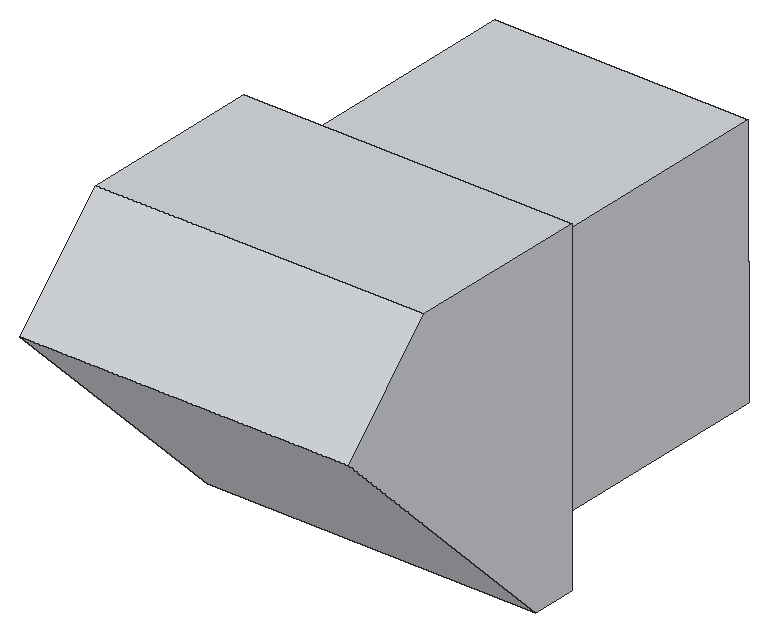
Revit family "XPD-Supply", category Mechanical Equipment, Revit 2019
Family settings
  Round Connector Dimension = Use Diameter
  Part Type = Normal
  Work Plane-Based = No
  Always vertical = Yes
  Cut with Voids When Loaded = No
  Shared = No
  Room Calculation Point = No
Parameters (values of type "10_XPD-Supply")
  WH_C = WH_B + 0' 3"  # 2' - 1"
  WH_B/2 = WH_B / 2  # 0' - 11"
  WH_B = 1' - 10"
  WH_A = 1' - 6 11/16"
  WEATHER_HOOD [instance] = yes
  Unit Weight [instance] = ""
  Sones [instance] = ""
  SPD_D/2 = SPD_D / 2  # 0' - 8 7/8"
  SPD_D = 1' - 5 3/4"
  SPD_C/2 = SPD_C / 2  # 0' - 7"
  SPD_C = 1' - 2"
  SPD_B/2 = SPD_B / 2  # 0' - 8 1/2"
  SPD_B = 1' - 5"
  SPD_A/2 = SPD_A / 2  # 0' - 9 3/4"
  SPD_A = 1' - 7 1/2"
  SIZE/2 = SIZE / 2  # 0' - 5"
  SIZE = 0' - 10"
  RO = 1' - 5 1/4"
  Motor RPM [instance] = ""
  Motor Enclosure [instance] = ""
  ModelID [instance] = ""
  LwA [instance] = ""
  Fan RPM [instance] = ""
  F = 0' - 1 1/8"
  D/2 = D / 2  # 0' - 5 1/4"
  Accessories [instance] = ""
  90 = 90.00°  # constant formula
  135 = 135.00°  # constant formula
  -WH_B/2 = -WH_B / 2  # -0' - 11"
  -SPD_D/2 = -SPD_D / 2  # -0' - 8 7/8"
  (D-.25")/2 = (D - 0' 0 1/4") / 2  # 0' - 5 1/8"
  D = 0' - 10 1/2"
  C+F = C + F  # 0' - 2 5/8"
  (E-C)/2 = (EMINUSC) / 2  # 0' - 1"
  EMINUSC = 0' - 2"
  C/2 = C / 2  # 0' - 0 3/4"
  C = 0' - 1 1/2"
  B/2 = B / 2  # 0' - 2 3/4"
  B = 0' - 5 1/2"
  A/7 = A / 7  # 0' - 2 5/16"
  A/3.5 = A / 3.5  # 0' - 4 5/8"
  A/2 = A / 2  # 0' - 8 3/32"
  A = 1' - 4 3/16"
  9" = 0' - 9"  # constant formula
  3" = 0' - 3"  # constant formula
  Brake Hp [instance] = ""
  4" = 0' - 4"  # constant formula
  2' = 2' - 0"
  2" = 0' - 2"  # constant formula
  1" = 0' - 1"  # constant formula
  0 = 0' - 0"  # constant formula
  Voltage [instance] = 0 V
  URL = "www.lorencook.com"
  Type Comments = "Packaged Propeller Wall Exhaust Fan Direct Drive"  # constant formula
  Static Pressure [instance] = 0.00 in-wg
  Power [instance] = Voltage * Motor FLA * sqrt(if(Phase = 3, 3, 1))  # 0 VA
  Phase [instance] = 0
  Number of Poles [instance] = 1
  Motor Hp [instance] = "0"
  Motor FLA [instance] = 0 A
  Model = "SPD"  # constant formula
  Manufacturer = "Loren Cook Company"
  CFM [instance] = 0 CFM
  1.5 = 0' - 1 1/2"  # constant formula
  1/2 = 0' - 0 1/2"  # constant formula
  ONE EIGTH = 0' - 0 1/8"  # constant formula
  -D = -EMINUSC  # -0' - 2"
  -C/2 = -C / 2  # -0' - 0 3/4"
  -B+1" = -B + 0' 1"  # -0' - 4 1/2"
  -B = -B  # -0' - 5 1/2"
  -((SIZE/2)-.25") = -((SIZE / 2) - 0' 0 1/4")  # -0' - 4 3/4"
  -((A/2)-C-.5") = -((A / 2) - C - 0' 0 1/2")  # -0' - 6 3/32"
  (SIZE/2)-.25" = (SIZE / 2) - 0' 0 1/4"  # 0' - 4 3/4"
  (A/2)-C-.5" = (A / 2) - C - 0' 0 1/2"  # 0' - 6 3/32"
  (A/2)-1" = (A / 2) - 0' 0 1/4"  # 0' - 7 27/32"
Types (9): name | WH_C | WH_B/2 | WH_B | WH_A | SPD_D/2 | SPD_D | SPD_C/2 | SPD_C | SPD_B/2 | SPD_B | SPD_A/2 | SPD_A | SIZE/2 | SIZE | RO | F | D/2 | -WH_B/2 | -SPD_D/2 | (D-.25")/2 | D | C+F | C/2 | C | B/2 | B | A/7 | A/3.5 | A/2 | A | -C/2 | -B+1" | -B | -((SIZE/2)-.25") | -((A/2)-C-.5") | (SIZE/2)-.25" | (A/2)-C-.5" | (A/2)-1"
  (no name) | 2' - 1" | 0' - 11" | 1' - 10" | 1' - 6 11/16" | 0' - 8 7/8" | 1' - 5 3/4" | 0' - 7" | 1' - 2" | 0' - 8 1/2" | 1' - 5" | 0' - 9 3/4" | 1' - 7 1/2" | 0' - 5" | 0' - 10" | 1' - 5 1/4" | 0' - 1 1/8" | 0' - 5 1/4" | -0' - 11" | -0' - 8 7/8" | 0' - 5 1/8" | 0' - 10 1/2" | 0' - 2 5/8" | 0' - 0 3/4" | 0' - 1 1/2" | 0' - 2 3/4" | 0' - 5 1/2" | 0' - 2 5/16" | 0' - 4 5/8" | 0' - 8 3/32" | 1' - 4 3/16" | -0' - 0 3/4" | -0' - 4 1/2" | -0' - 5 1/2" | -0' - 4 3/4" | -0' - 6 3/32" | 0' - 4 3/4" | 0' - 6 3/32" | 0' - 7 27/32"
  12_XPD-Supply | 2' - 1" | 0' - 11" | 1' - 10" | 1' - 6 11/16" | 0' - 8 7/8" | 1' - 5 3/4" | 0' - 7" | 1' - 2" | 0' - 8 1/2" | 1' - 5" | 0' - 9 3/4" | 1' - 7 1/2" | 0' - 6" | 1' - 0" | 1' - 5 1/4" | 0' - 1 1/16" | 0' - 6 1/4" | -0' - 11" | -0' - 8 7/8" | 0' - 6 1/8" | 1' - 0 1/2" | 0' - 2 13/16" | 0' - 0 7/8" | 0' - 1 3/4" | 0' - 3 3/4" | 0' - 7 1/2" | 0' - 2 5/16" | 0' - 4 5/8" | 0' - 8 3/32" | 1' - 4 3/16" | -0' - 0 7/8" | -0' - 6 1/2" | -0' - 7 1/2" | -0' - 5 3/4" | -0' - 5 27/32" | 0' - 5 3/4" | 0' - 5 27/32" | 0' - 7 27/32"
  16_XPD-Supply | 2' - 5" | 1' - 1" | 2' - 2" | 1' - 9 11/16" | 0' - 11 1/8" | 1' - 10 1/4" | 0' - 9" | 1' - 6" | 0' - 10 1/2" | 1' - 9" | 0' - 11 3/4" | 1' - 11 1/2" | 0' - 8" | 1' - 4" | 1' - 9 1/4" | 0' - 1 1/4" | 0' - 8 1/4" | -1' - 1" | -0' - 11 1/8" | 0' - 8 1/8" | 1' - 4 1/2" | 0' - 3 3/4" | 0' - 1 1/4" | 0' - 2 1/2" | 0' - 4 1/4" | 0' - 8 1/2" | 0' - 2.88393" | 0' - 5.76786" | 0' - 10 3/32" | 1' - 8 3/16" | -0' - 1 1/4" | -0' - 7 1/2" | -0' - 8 1/2" | -0' - 7 3/4" | -0' - 7 3/32" | 0' - 7 3/4" | 0' - 7 3/32" | 0' - 9 27/32"
  20_XPD-Supply | 2' - 9" | 1' - 3" | 2' - 6" | 2' - 0 3/8" | 0' - 11 5/8" | 1' - 11 1/4" | 0' - 11" | 1' - 10" | 1' - 0 1/2" | 2' - 1" | 1' - 1 3/4" | 2' - 3 1/2" | 0' - 10" | 1' - 8" | 2' - 1 1/4" | 0' - 1 3/8" | 0' - 10 5/16" | -1' - 3" | -0' - 11 5/8" | 0' - 10 3/16" | 1' - 8 5/8" | 0' - 4 1/8" | 0' - 1 3/8" | 0' - 2 3/4" | 0' - 4 7/8" | 0' - 9 3/4" | 0' - 3.45536" | 0' - 6.91071" | 1' - 0 3/32" | 2' - 0 3/16" | -0' - 1 3/8" | -0' - 8 3/4" | -0' - 9 3/4" | -0' - 9 3/4" | -0' - 8 27/32" | 0' - 9 3/4" | 0' - 8 27/32" | 0' - 11 27/32"
  24_XPD-Supply | 3' - 1" | 1' - 5" | 2' - 10" | 2' - 3 1/8" | 0' - 11 5/8" | 1' - 11 1/4" | 1' - 1 3/4" | 2' - 3 1/2" | 1' - 3 1/2" | 2' - 7" | 1' - 4 3/4" | 2' - 9 1/2" | 1' - 0" | 2' - 0" | 2' - 7 1/4" | 0' - 1 5/16" | 1' - 0 3/8" | -1' - 5" | -0' - 11 5/8" | 1' - 0 1/4" | 2' - 0 3/4" | 0' - 4 1/16" | 0' - 1 3/8" | 0' - 2 3/4" | 0' - 4 7/8" | 0' - 9 3/4" | 0' - 4 5/16" | 0' - 8 5/8" | 1' - 3 3/32" | 2' - 6 3/16" | -0' - 1 3/8" | -0' - 8 3/4" | -0' - 9 3/4" | -0' - 11 3/4" | -0' - 11 27/32" | 0' - 11 3/4" | 0' - 11 27/32" | 1' - 2 27/32"
  14_XPD-Supply | 2' - 5" | 1' - 1" | 2' - 2" | 1' - 9 11/16" | 0' - 11 1/8" | 1' - 10 1/4" | 0' - 9" | 1' - 6" | 0' - 10 1/2" | 1' - 9" | 0' - 11 3/4" | 1' - 11 1/2" | 0' - 7" | 1' - 2" | 1' - 9 1/4" | 0' - 1 3/8" | 0' - 7 1/4" | -1' - 1" | -0' - 11 1/8" | 0' - 7 1/8" | 1' - 2 1/2" | 0' - 3 7/8" | 0' - 1 1/4" | 0' - 2 1/2" | 0' - 4 1/4" | 0' - 8 1/2" | 0' - 2.88393" | 0' - 5.76786" | 0' - 10 3/32" | 1' - 8 3/16" | -0' - 1 1/4" | -0' - 7 1/2" | -0' - 8 1/2" | -0' - 6 3/4" | -0' - 7 3/32" | 0' - 6 3/4" | 0' - 7 3/32" | 0' - 9 27/32"
  18_XPD-Supply | 2' - 9" | 1' - 3" | 2' - 6" | 2' - 0 3/8" | 0' - 11 5/8" | 1' - 11 1/4" | 0' - 11" | 1' - 10" | 1' - 0 1/2" | 2' - 1" | 1' - 1 3/4" | 2' - 3 1/2" | 0' - 9" | 1' - 6" | 2' - 1 1/4" | 0' - 1 1/4" | 0' - 9 1/4" | -1' - 3" | -0' - 11 5/8" | 0' - 9 1/8" | 1' - 6 1/2" | 0' - 4" | 0' - 1 3/8" | 0' - 2 3/4" | 0' - 4 7/8" | 0' - 9 3/4" | 0' - 3.45536" | 0' - 6.91071" | 1' - 0 3/32" | 2' - 0 3/16" | -0' - 1 3/8" | -0' - 8 3/4" | -0' - 9 3/4" | -0' - 8 3/4" | -0' - 8 27/32" | 0' - 8 3/4" | 0' - 8 27/32" | 0' - 11 27/32"
  10_XPD-Supply | 2' - 1" | 0' - 11" | 1' - 10" | 1' - 6 11/16" | 0' - 8 7/8" | 1' - 5 3/4" | 0' - 7" | 1' - 2" | 0' - 8 1/2" | 1' - 5" | 0' - 9 3/4" | 1' - 7 1/2" | 0' - 5" | 0' - 10" | 1' - 5 1/4" | 0' - 1 1/8" | 0' - 5 1/4" | -0' - 11" | -0' - 8 7/8" | 0' - 5 1/8" | 0' - 10 1/2" | 0' - 2 5/8" | 0' - 0 3/4" | 0' - 1 1/2" | 0' - 2 3/4" | 0' - 5 1/2" | 0' - 2 5/16" | 0' - 4 5/8" | 0' - 8 3/32" | 1' - 4 3/16" | -0' - 0 3/4" | -0' - 4 1/2" | -0' - 5 1/2" | -0' - 4 3/4" | -0' - 6 3/32" | 0' - 4 3/4" | 0' - 6 3/32" | 0' - 7 27/32"
  8_XPD-Supply | 1' - 9" | 0' - 9" | 1' - 6" | 1' - 3 13/16" | 0' - 6 7/8" | 1' - 1 3/4" | 0' - 5" | 0' - 10" | 0' - 6 1/2" | 1' - 1" | 0' - 7 3/4" | 1' - 3 1/2" | 0' - 4" | 0' - 8" | 1' - 1 1/4" | 0' - 0 1/2" | 0' - 4 1/4" | -0' - 9" | -0' - 6 7/8" | 0' - 4 1/8" | 0' - 8 1/2" | 0' - 1 1/2" | 0' - 0 1/2" | 0' - 1" | 0' - 2 3/8" | 0' - 4 3/4" | 0' - 1.74107" | 0' - 3.48214" | 0' - 6 3/32" | 1' - 0 3/16" | -0' - 0 1/2" | -0' - 3 3/4" | -0' - 4 3/4" | -0' - 3 3/4" | -0' - 4 19/32" | 0' - 3 3/4" | 0' - 4 19/32" | 0' - 5 27/32"
Reference planes (in)
  plane 1 "Center (Front/Back)": y = 0
  plane 2: z = 0
  plane 3 "Center (Left/Right)": x = 0.40541
Forms (in)
  Revolve 1, solid
    sketch origin (0.40541, 0, 0) x (0, 1, 0) y (0, 0, 1)
      loop
        line (-1.75, 0.75) -> (-1.75, 0) -> (-0.75, 0) -> (-0.75, 0.75) -> (-1.75, 0.75)
      axis (-1.75, 0) -> (-0.75, 0)
    angle from 0 to 360
  Extrusion 2, solid
    sketch origin (0.40541, 0, 0) x (0, 1, 0) y (0, 0, 1)
      loop
        line (0, -0.75) -> (-2.625, 0.75) -> (-2.68702, 0.64147) -> (-0.06202, -0.85853) -> (0, -0.75)
    from 30 to 0.75 <- "C/2"
  Extrusion 3, solid
    sketch origin (0.40541, 0, 0) x (0, 1, 0) y (-1, 0, 0)
      loop
        line (0, -0.75) -> (-2.625, 0.75) -> (-2.68702, 0.64147) -> (-0.06202, -0.85853) -> (0, -0.75)
    from 30 to 0.75 <- "C/2"
  Extrusion 4, solid
    sketch origin (0.40541, 0, 0) x (0, 1, 0) y (0, 0, -1)
      loop
        line (0, -0.75) -> (-2.625, 0.75) -> (-2.68702, 0.64147) -> (-0.06202, -0.85853) -> (0, -0.75)
    from 30 to 0.75 <- "C/2"
  Extrusion 5, solid
    sketch origin (0.40541, 0, 0) x (1, 0, 0) y (0, 1, 0)
      loop
        line (-0.75, 0) -> (-0.85853, -0.06202) -> (0.64147, -2.68702) -> (0.75, -2.625) -> (-0.75, 0)
    from -30 to -0.75 <- "-C/2"
  Extrusion 6, void
    sketch origin (0, 0, 0) x (1, 0, 0) y (0, 0, 1)
      loop
        circle (0.40541, 0) r 5.125
      loop
        circle (0.40541, 0) r 40
    from 0 to 9 <- "9""
  Extrusion 7, solid
    sketch origin (0, 0, 0) x (1, 0, 0) y (0, 0, 1)
      loop
        line (-7.68834, 8.09375) -> (-7.68834, -8.09375) -> (8.49916, -8.09375) -> (8.49916, 8.09375) -> (-7.68834, 8.09375)
      loop
        circle (0.40541, 0) r 7.84375
    from 0 to -0.125
  Extrusion 8, solid
    sketch origin (0, 0, 0) x (1, 0, 0) y (0, 0, 1)
      loop
        line (-7.68834, 8.09375) -> (-7.68834, -8.09375) -> (8.49916, -8.09375) -> (8.49916, 8.09375) -> (-7.68834, 8.09375)
      loop
        line (8.37416, -7.96875) -> (8.37416, 7.96875) -> (-7.56334, 7.96875) -> (-7.56334, -7.96875) -> (8.37416, -7.96875)
    from 0 to -2 <- "-D"
  Extrusion 9, solid
    sketch origin (0, 0, 0) x (1, 0, 0) y (0, 0, 1)
      loop
        circle (0.40541, 0) r 2.3125
    from 0 to -4.5 <- "-B+1""
  Revolve 10, solid
    sketch origin (0.40541, 0, 0) x (0, 1, 0) y (0, 0, 1)
      loop
        line (0, 7.84375) -> (-1.5, 5.25) -> (0, 5.25) -> (0, 7.84375)
      axis (-1.5, 0) -> (0, 0)
    angle from 0 to 360
  Extrusion 11, solid
    sketch origin (0, 0, 0) x (1, 0, 0) y (0, 0, 1)
      loop
        line (8.78041, 8.375) -> (-7.96959, 8.375) -> (-7.96959, -8.375) -> (8.78041, -8.375) -> (8.78041, 8.375)
      loop
        line (-8.09459, 8.5) -> (-8.09459, -8.5) -> (8.90541, -8.5) -> (8.90541, 8.5) -> (-8.09459, 8.5)
    from -8.875 <- "-SPD_D/2" to 8.875 <- "SPD_D/2"
  Extrusion 12, solid
    sketch origin (0, -8.875, 0) x (1, 0, 0) y (0, 0, 1)
      loop
        line (-6.59459, 7) -> (-6.59459, -7) -> (7.40541, -7) -> (7.40541, 7) -> (-6.59459, 7)
      loop
        line (10.15541, -9.75) -> (10.15541, 9.75) -> (-9.34459, 9.75) -> (-9.34459, -9.75) -> (10.15541, -9.75)
    from 0 to 0.125
  Extrusion 13, solid
    sketch origin (0, -8.875, 0) x (1, 0, 0) y (0, 0, 1)
      loop
        line (-6.59459, 7) -> (-6.59459, -7) -> (7.40541, -7) -> (7.40541, 7) -> (-6.59459, 7)
      loop
        line (5.90541, -5.5) -> (5.90541, 5.5) -> (-5.09459, 5.5) -> (-5.09459, -5.5) -> (5.90541, -5.5)
    from 0 to 3
  Extrusion 14, solid, visible <- "WEATHER_HOOD"
    sketch origin (0.40541, 0, 0) x (0, 1, 0) y (0, 0, 1)
      loop
        line (-9, 11) -> (-21.375, 11) -> (-27.6875, 4.6875) -> (-12, -11) -> (-9, -11) -> (-9, 11)
    from 11 <- "WH_B/2" to -11 <- "-WH_B/2"
Cuts and joins
  Extrusion 6 cuts Revolve 1
  Extrusion 6 cuts Extrusion 2
  Extrusion 6 cuts Extrusion 3
  Extrusion 6 cuts Extrusion 4
  Extrusion 6 cuts Extrusion 5
Dimensions and locks (in)
  "0": Revolve 1 sketch curve to level  (x2)
  "C/2": Revolve 1 sketch curve to level
  "C/2": plane 1 "Center (Front/Back)" to Revolve 1 sketch curve
  "1"": Revolve 1 sketch curve to Revolve 1 sketch curve
  "0": Extrusion 2 sketch curve to plane 1 "Center (Front/Back)"
  "C+F": plane 1 "Center (Front/Back)" to Extrusion 2 sketch curve
  "C/2": Extrusion 2 sketch curve to level
  "C/2": level to Extrusion 2 sketch curve
  "ONE EIGTH": Extrusion 2 sketch curve to Extrusion 2 sketch curve
  "ONE EIGTH": Extrusion 3 sketch curve to Extrusion 3 sketch curve
  "ONE EIGTH": Extrusion 4 sketch curve to Extrusion 4 sketch curve
  "ONE EIGTH": Extrusion 5 sketch curve to Extrusion 5 sketch curve
  Extrusion 6 sketch curve to plane 3 "Center (Left/Right)" = 0' - 0"  (x2)
  level to Extrusion 6 sketch curve = 0' - 0"
  Extrusion 6 sketch curve to level = 0' - 0"
  "0": Extrusion 3 sketch curve to plane 1 "Center (Front/Back)"
  "C+F": Extrusion 3 sketch curve to plane 1 "Center (Front/Back)"
  "C/2": plane 3 "Center (Left/Right)" to Extrusion 3 sketch curve
  "C/2": Extrusion 3 sketch curve to plane 3 "Center (Left/Right)"
  "C+F": plane 1 "Center (Front/Back)" to Extrusion 4 sketch curve
  "0": Extrusion 4 sketch curve to plane 1 "Center (Front/Back)"
  "C/2": level to Extrusion 4 sketch curve
  "C/2": Extrusion 4 sketch curve to level
  "0": Extrusion 5 sketch curve to plane 1 "Center (Front/Back)"
  "C+F": Extrusion 5 sketch curve to plane 1 "Center (Front/Back)"
  "C/2": plane 3 "Center (Left/Right)" to Extrusion 5 sketch curve
  "C/2": Extrusion 5 sketch curve to plane 3 "Center (Left/Right)"
  "A/2": plane 3 "Center (Left/Right)" to Extrusion 7 sketch curve
  "A/2": Extrusion 7 sketch curve to plane 3 "Center (Left/Right)"
  "A/2": Extrusion 7 sketch curve to level
  "A/2": level to Extrusion 7 sketch curve
  "0": Extrusion 7 sketch curve to level
  "0": Extrusion 7 sketch curve to plane 3 "Center (Left/Right)"
  "ONE EIGTH": Extrusion 8 sketch curve to Extrusion 8 sketch curve  (x4)
  "A/2": plane 3 "Center (Left/Right)" to Extrusion 8 sketch curve  (x2)
  "A/2": level to Extrusion 8 sketch curve
  "A/2": Extrusion 8 sketch curve to level
  "0": Extrusion 9 sketch curve to level
  "0": Extrusion 9 sketch curve to plane 3 "Center (Left/Right)"
  "0": Revolve 10 sketch curve to plane 1 "Center (Front/Back)"
  "(A/2)-1"": Revolve 10 sketch curve to level
  "D/2": Revolve 10 sketch curve to level
  "0": Revolve 10 sketch curve to level
  "C": plane 1 "Center (Front/Back)" to Revolve 10 sketch curve
  "ONE EIGTH": Extrusion 11 sketch curve to Extrusion 11 sketch curve  (x4)
  "SPD_B/2": level to Extrusion 11 sketch curve
  "SPD_B/2": Extrusion 11 sketch curve to level
  "SPD_B/2": plane 3 "Center (Left/Right)" to Extrusion 11 sketch curve
  "SPD_B/2": Extrusion 11 sketch curve to plane 3 "Center (Left/Right)"
  "SPD_A/2": plane 3 "Center (Left/Right)" to Extrusion 12 sketch curve
  "SPD_A/2": Extrusion 12 sketch curve to plane 3 "Center (Left/Right)"
  "SPD_C/2": plane 3 "Center (Left/Right)" to Extrusion 12 sketch curve  (x2)
  "SPD_C/2": level to Extrusion 12 sketch curve
  "SPD_C/2": Extrusion 12 sketch curve to level
  "SPD_A/2": Extrusion 12 sketch curve to level
  "SPD_A/2": level to Extrusion 12 sketch curve
  "1.5": Extrusion 13 sketch curve to Extrusion 13 sketch curve  (x4)
  "SPD_C/2": plane 3 "Center (Left/Right)" to Extrusion 13 sketch curve  (x2)
  "SPD_C/2": level to Extrusion 13 sketch curve
  "SPD_C/2": Extrusion 13 sketch curve to level
  "0": Extrusion 12 to Extrusion 14 sketch curve
  "3"": Extrusion 14 sketch curve to Extrusion 14 sketch curve
  "WH_B/2": Extrusion 14 sketch curve to level  (x2)
  "WH_A": Extrusion 14 sketch curve to Extrusion 14 sketch curve
  "(D-.25")/2": radius of Extrusion 6 sketch curve
  "(A/2)-1"": radius of Extrusion 7 sketch curve
  "A/7": radius of Extrusion 9 sketch curve
  "135": angle Extrusion 14 sketch curve to Extrusion 14 sketch curve
  "90": angle Extrusion 14 sketch curve to Extrusion 14 sketch curve
Automatic sketch dimensions
  Revolve 1 sketch curve to plane 1 "Center (Front/Back)" = 0' - 0"
  Revolve 1 sketch curve to Revolve 1 sketch curve = 2' - 2"
  plane 1 "Center (Front/Back)" to Revolve 10 sketch curve = 0' - 1.80178"
  Revolve 10 sketch curve to Revolve 10 sketch curve = 0' - 1.44822"
  radius of Extrusion 6 sketch curve = 3' - 4"
Connectors (in)
  electrical at (0.40541, 4.5, 0), driven by "Number of Poles", driven by "Voltage", driven by "Power"
    settings: on Extrusion 9, index 2, voltage 0 V, apparent load 0 VA, apparent load phase1 0 VA, apparent load phase2 0 VA, apparent load phase3 0 VA, power factor 1, load classification "HVAC", number of poles 1, system type 30, power factor state 1, is connector primary yes, connector utility no, sub classification motor no, connector description ""
  hvac at (0.40541, -9, 0), driven by "RO", driven by "RO"
    settings: on Extrusion 12, index 3, duct flow 0 CFM, flow factor 0, pres drop 0.00 in-wg, loss coef 0, conn angle 0.00°, conn width 17 1/4", conn height 17 1/4", conn diameter 24", duct sys type 1, conn prof type 1, flow config 0, flow direction 1, loss method 0, conn ref index -1, conn util no, is conn primary yes, conn desc ""
  hvac at (0.40541, 8.875, 0), driven by "CFM", driven by "RO", driven by "RO"
    settings: on Extrusion 11, index 4, duct flow 0 CFM, flow factor 0, pres drop 0.00 in-wg, loss coef 0, conn angle 0.00°, conn width 17 1/4", conn height 17 1/4", conn diameter 24", duct sys type 1, conn prof type 1, flow config 0, flow direction 2, loss method 0, conn ref index -1, conn util no, is conn primary no, conn desc ""
